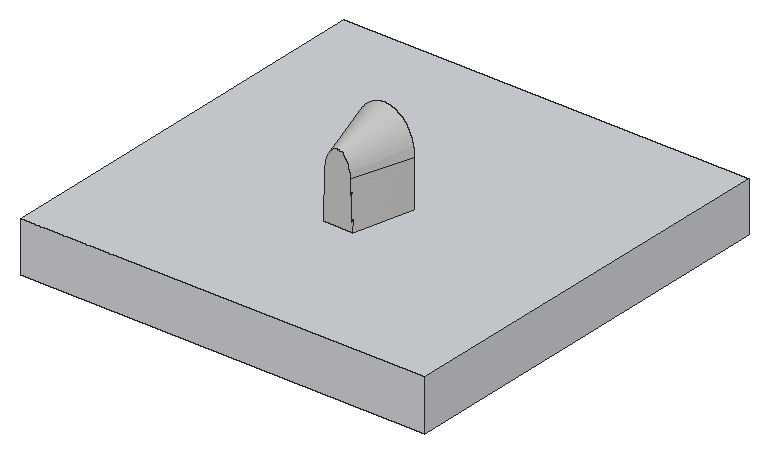
Revit family
Parameters (values of type "8952-W-1")
  Waste Connection = yes
  WFU = 0
  Voltage = 0
  Vent Connection = no
  URL = "http://www.neo-metro.com"
  Type Comments = ""
  Tempered Water Connection = no
  Revised Date = "03/12/13"
  Phone# = "626-336-4561"
  Model = "8952-W-1"
  Material = Stainless Steel
  Manufacturer = "Neo-Metro"
  HWFU = 0
  HW Connection = no
  Designed By = "ATS BIM Team"
  Description = "miniLoo Toilet"
  Default Elevation = 15 3/4"
  CWFU = 0
  CW Connection = yes
  Assembly Code = ""
  Amperage = 0
Reference planes (in)
  plane 1 "Center (Front/Back)": y = 0
  plane 2: z = 0
  plane 3 "Center (Left/Right)": x = 0
  plane 4: x = -7.0625
  plane 5: x = 7.0625
  plane 6: z = 20.5
  plane 7: y = -13.75
  plane 8: y = -15.75
  plane 9: y = -6.75
  plane 10: y = -1.5
Forms (in)
  Extrusion 1, solid
    sketch origin (0, 0, 0) x (1, 0, 0) y (0, 1, 0)
      loop
        line (-48, 48) -> (-48, -48) -> (48, -48) -> (48, 48) -> (-48, 48)
    from 0 to -12
  Blend 2, solid, material "Stainless Steel" <- "Material"
    base sketch origin (0, -13.75, 10.25) x (0, 0, -1) y (-1, 0, 0)
      loop
        line (10.25, -3.45536) -> (10.25, 3.45536) -> (-1, 3.0625)
        spline (-1, 3.0625) -> (-2.59217, 2.90303) -> (-4.01133, 2.45616) -> (-5.11317, 1.81466) -> (-5.82014, 1.11861) -> (-6.16042, 0.50344) -> (-6.25, 0) -> (-6.16042, -0.50344) -> (-5.82014, -1.11861) -> (-5.11317, -1.81466) -> (-4.01133, -2.45616) -> (-2.59217, -2.90303) -> (-1, -3.0625)
        line (-1, -3.0625) -> (10.25, -3.45536)
    top sketch origin (0, -13.75, 10.25) x (0, 0, -1) y (-1, 0, 0)
      loop
        spline (-1, 7.0625) -> (-3.39408, 6.82185) -> (-5.625, 6.1163) -> (-7.54074, 4.99394) -> (-9.01073, 3.53125) -> (-9.93481, 1.82791) -> (-10.25, 0) -> (-9.93481, -1.82791) -> (-9.01073, -3.53125) -> (-7.54074, -4.99394) -> (-5.625, -6.1163) -> (-3.39408, -6.82185) -> (-1, -7.0625)
        line (-1, -7.0625) -> (10.25, -7.0625) -> (10.25, 7.0625) -> (-1, 7.0625)
    from 0 to 13.75
  Revolve 3, void
    sketch origin (0, -1.5, 10.25) x (0, 0, -1) y (-1, 0, 0)
      loop
        spline (-9, 0) -> (-8.93156, -0.75868) -> (-8.72741, -1.50439) -> (-8.39104, -2.22435) -> (-7.9282, -2.90625) -> (-7.34683, -3.53843) -> (-6.65685, -4.11006) -> (-5.87009, -4.61137) -> (-5, -5.03377) -> (-4.06147, -5.37005) -> (-3.07055, -5.61444) -> (-2.04421, -5.76277) -> (-1, -5.8125)
        spline (-1, -5.8125) -> (-0.21684, -5.76277) -> (0.55291, -5.61444) -> (1.2961, -5.37005) -> (2, -5.03377) -> (2.65257, -4.61137) -> (3.24264, -4.11006) -> (3.76012, -3.53843) -> (4.19615, -2.90625) -> (4.54328, -2.22435) -> (4.79555, -1.50439) -> (4.94867, -0.75868) -> (5, 0)
        line (5, 0) -> (-9, 0)
      axis (-9, 0) -> (5, 0)
    angle from 0 to 180
  Extrusion 4, void
    sketch origin (0, -13.75, 10.25) x (0, 0, -1) y (-1, 0, 0)
      loop
        spline (-1, 5.3125) -> (-2.975, 5.12365) -> (-4.80657, 4.57268) -> (-6.36291, 3.70554) -> (-7.53666, 2.5952) -> (-8.25825, 1.33146) -> (-8.50004, 0) -> (-8.25825, -1.33146) -> (-7.53666, -2.5952) -> (-6.36291, -3.70554) -> (-4.80657, -4.57268) -> (-2.975, -5.12365) -> (-1, -5.3125)
        spline (-1, -5.3125) -> (0.42729, -5.13047) -> (1.75592, -4.59736) -> (2.89471, -3.7509) -> (3.76658, -2.65024) -> (4.31357, -1.37107) -> (4.49991, 0) -> (4.31357, 1.37108) -> (3.76657, 2.65023) -> (2.89474, 3.75091) -> (1.75593, 4.59745) -> (0.42715, 5.1299) -> (-1, 5.3125)
    from 11.45036 to 13.75
  Extrusion 5, void
    sketch origin (0, -13.75, 10.25) x (0, 0, -1) y (-1, 0, 0)
      loop
        circle (-1, 0) r 1
    from 3.64232 to 7.20133
  Extrusion 6, solid
    sketch origin (0, 0, 0) x (1, 0, 0) y (0, 1, 0)
      loop
        circle (0, -6.75) r 1.0625
      loop
        circle (0, -1.5) r 0.25
    from 0 to 0.01563
Cuts and joins
  Revolve 3, Extrusion 4, Extrusion 5 cuts Blend 2
Dimensions and locks (in)
  plane 2 to plane 6 = 20 1/2"
  plane 5 to plane 4 = 14 1/8"
  plane 7 to plane 1 "Center (Front/Back)" = 13 3/4"
  plane 8 to plane 7 = 2"  (x2)
  plane 8 to plane 9 = 9"
  plane 8 to plane 10 = 14 1/4"
  aligned and locked: plane 2 to Extrusion 1
  aligned and locked: level to Extrusion 1
Connectors (in)
  piping at (0, -1.5, 0)
    settings: on Extrusion 6, index 1
  piping at (0, -6.75, 0)
    settings: on Extrusion 6, index 2
